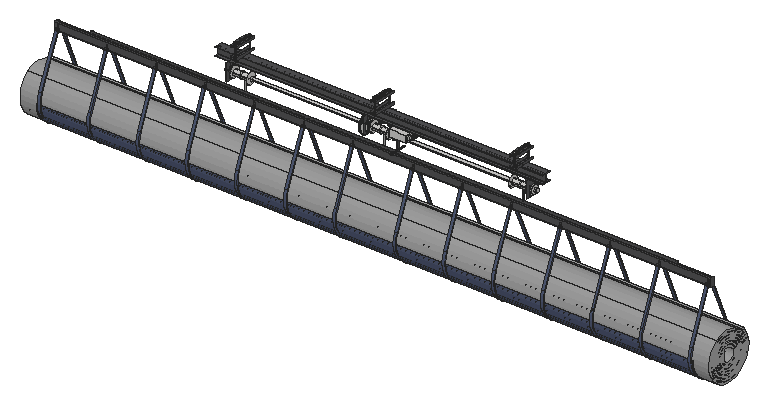
Revit family "Wrestling_Mat_Storage-PSS-4090", category Specialty Equipment, Revit 2018 (continued)
Definition of nested family "Wrestling_Mat_Storage-Hoist-PSS"
  Forms (in)
    Extrusion 22, solid, detail levels medium+fine
      sketch origin (-17.6875, 0, 0) x (0, 1, 0) y (0, 0, -1)
        loop
          arc (-3.1875, -2.5625) -> (-3.00444, -3.00444) -> (-2.5625, -3.1875) r 0.625
          line (-2.5625, -3.1875) -> (2.5625, -3.1875)
        loop
          circle (0, 0) r 1
        loop
          circle (2.5625, -2.5625) r 0.25
        loop
          circle (-2.5625, -2.5625) r 0.25
        loop
          circle (-2.5625, 2.5625) r 0.25
        loop
          circle (2.5625, 2.5625) r 0.25
      from -8.6875 to -8.0625
    Extrusion 23, solid, detail levels medium+fine
      sketch origin (-17.6875, 0, 0) x (0, 1, 0) y (0, 0, -1)
        loop
          arc (2.24472, -1.36083) -> (1.85616, -1.85616) -> (1.36083, -2.24472) r 2.625
          line (1.36083, -2.24472) -> (2.12056, -3.00444)
          arc (2.12056, -3.00444) -> (3.00444, -3.00444) -> (3.00444, -2.12056) r 0.625
          line (3.00444, -2.12056) -> (2.24472, -1.36083)
        loop
          circle (2.5625, -2.5625) r 0.25
        loop
          line (-2.24472, -1.36083) -> (-3.00444, -2.12056)
          arc (-3.00444, -2.12056) -> (-3.00444, -3.00444) -> (-2.12056, -3.00444) r 0.625
          line (-2.12056, -3.00444) -> (-1.36083, -2.24472)
          arc (-1.36083, -2.24472) -> (-1.85616, -1.85616) -> (-2.24472, -1.36083) r 2.625
        loop
          circle (-2.5625, -2.5625) r 0.25
        loop
          line (2.24472, 1.36083) -> (3.00444, 2.12056)
          arc (3.00444, 2.12056) -> (3.00444, 3.00444) -> (2.12056, 3.00444) r 0.625
          line (2.12056, 3.00444) -> (1.36083, 2.24472)
          arc (1.36083, 2.24472) -> (1.85616, 1.85616) -> (2.24472, 1.36083) r 2.625
        loop
          circle (2.5625, 2.5625) r 0.25
        loop
          arc (-2.24472, 1.36083) -> (-1.85616, 1.85616) -> (-1.36083, 2.24472) r 2.625
          line (-1.36083, 2.24472) -> (-2.12056, 3.00444)
          arc (-2.12056, 3.00444) -> (-3.00444, 3.00444) -> (-3.00444, 2.12056) r 0.625
          line (-3.00444, 2.12056) -> (-2.24472, 1.36083)
        loop
          circle (-2.5625, 2.5625) r 0.25
      from -8.875 to -8.6875
    Extrusion 24, solid, detail levels medium+fine
      sketch origin (-17.6875, 0, 0) x (0, 1, 0) y (0, 0, -1)
        loop
          circle (0, 0) r 2.625
        loop
          circle (0, 0) r 1.25
      from -9.8125 to -8.6875
    Extrusion 25, solid, detail levels medium+fine
      sketch origin (-17.6875, 0, 0) x (0, 1, 0) y (0, 0, -1)
        loop
          circle (0, 0) r 1
        loop
          circle (0, 0) r 1.25
      from -10.375 to -8.0625
    Extrusion 26, solid, detail levels fine
      sketch origin (-17.6875, 0, 0) x (0, 1, 0) y (0, 0, -1)
        loop
          line (2.76096, -2.21875) -> (2.36404, -2.21875) -> (2.16557, -2.5625) -> (2.36404, -2.90625) -> (2.76096, -2.90625) -> (2.95943, -2.5625) -> (2.76096, -2.21875)
        loop
          line (-2.76096, -2.21875) -> (-2.95943, -2.5625) -> (-2.76096, -2.90625) -> (-2.36404, -2.90625) -> (-2.16557, -2.5625) -> (-2.36404, -2.21875) -> (-2.76096, -2.21875)
        loop
          line (2.76096, 2.21875) -> (2.95943, 2.5625) -> (2.76096, 2.90625) -> (2.36404, 2.90625) -> (2.16557, 2.5625) -> (2.36404, 2.21875) -> (2.76096, 2.21875)
        loop
          line (-2.76096, 2.21875) -> (-2.36404, 2.21875) -> (-2.16557, 2.5625) -> (-2.36404, 2.90625) -> (-2.76096, 2.90625) -> (-2.95943, 2.5625) -> (-2.76096, 2.21875)
      from -9.3125 to -8.875
    Extrusion 27, solid, detail levels fine
      sketch origin (-1.125, 0, 0) x (0, 1, 0) y (0, 0, 1)
        loop
          line (2.76096, 2.21875) -> (2.95943, 2.5625) -> (2.76096, 2.90625) -> (2.36404, 2.90625) -> (2.16557, 2.5625) -> (2.36404, 2.21875) -> (2.76096, 2.21875)
        loop
          line (-2.76096, 2.21875) -> (-2.36404, 2.21875) -> (-2.16557, 2.5625) -> (-2.36404, 2.90625) -> (-2.76096, 2.90625) -> (-2.95943, 2.5625) -> (-2.76096, 2.21875)
        loop
          line (2.76096, -2.21875) -> (2.36404, -2.21875) -> (2.16557, -2.5625) -> (2.36404, -2.90625) -> (2.76096, -2.90625) -> (2.95943, -2.5625) -> (2.76096, -2.21875)
        loop
          line (-2.76096, -2.21875) -> (-2.95943, -2.5625) -> (-2.76096, -2.90625) -> (-2.36404, -2.90625) -> (-2.16557, -2.5625) -> (-2.36404, -2.21875) -> (-2.76096, -2.21875)
      from -9.3125 to -8.875
    Extrusion 28, solid, detail levels medium+fine
      sketch origin (-0.375, 0, 0) x (0, 1, 0) y (0, 0, 1)
        loop
          arc (6.18466, 0.1875) -> (6.1811, 0.28135) -> (6.17612, 0.37514) r 6.1875
          line (6.17612, 0.37514) -> (5.73397, 0.42902)
          arc (5.73397, 0.42902) -> (5.72622, 0.52237) -> (5.71695, 0.61559) r 5.75
          line (5.71695, 0.61559) -> (6.14205, 0.74858)
          arc (6.14205, 0.74858) -> (6.12998, 0.84172) -> (6.1165, 0.93467) r 6.1875
          line (6.1165, 0.93467) -> (5.67129, 0.94816)
          arc (5.67129, 0.94816) -> (5.65509, 1.04042) -> (5.63739, 1.13241) r 5.75
          line (5.63739, 1.13241) -> (6.04864, 1.30348)
          arc (6.04864, 1.30348) -> (6.02816, 1.39513) -> (6.00629, 1.48647) r 6.1875
          line (6.00629, 1.48647) -> (5.5617, 1.45946)
          arc (5.5617, 1.45946) -> (5.53718, 1.54987) -> (5.5112, 1.63987) r 5.75
          line (5.5112, 1.63987) -> (5.90521, 1.84759)
          arc (5.90521, 1.84759) -> (5.87649, 1.93701) -> (5.84641, 2.02598) r 6.1875
          line (5.84641, 2.02598) -> (5.40611, 1.95869)
          arc (5.40611, 1.95869) -> (5.37348, 2.0465) -> (5.33943, 2.13377) r 5.75
          line (5.33943, 2.13377) -> (5.71295, 2.37642)
          arc (5.71295, 2.37642) -> (5.67622, 2.46286) -> (5.63818, 2.54873) r 6.1875
          line (5.63818, 2.54873) -> (5.20581, 2.44172)
          arc (5.20581, 2.44172) -> (5.16534, 2.52621) -> (5.12351, 2.61002) r 5.75
          line (5.12351, 2.61002) -> (5.47343, 2.8856)
          arc (5.47343, 2.8856) -> (5.429, 2.96835) -> (5.38332, 3.05041) r 6.1875
          line (5.38332, 3.05041) -> (4.96246, 2.90456)
          arc (4.96246, 2.90456) -> (4.91449, 2.98502) -> (4.86521, 3.06468) r 5.75
          line (4.86521, 3.06468) -> (5.18865, 3.37092)
          arc (5.18865, 3.37092) -> (5.13689, 3.44928) -> (5.08394, 3.52685) r 6.1875
          line (5.08394, 3.52685) -> (4.67807, 3.34338)
          arc (4.67807, 3.34338) -> (4.62298, 3.41914) -> (4.56667, 3.494) r 5.75
          line (4.56667, 3.494) -> (4.86095, 3.82835)
          arc (4.86095, 3.82835) -> (4.80229, 3.90169) -> (4.74251, 3.97413) r 6.1875
          line (4.74251, 3.97413) -> (4.35499, 3.75454)
          arc (4.35499, 3.75454) -> (4.29325, 3.82499) -> (4.23037, 3.89442) r 5.75
          line (4.23037, 3.89442) -> (4.49306, 4.25413)
          arc (4.49306, 4.25413) -> (4.42797, 4.32183) -> (4.36186, 4.38854) r 6.1875
          line (4.36186, 4.38854) -> (3.99589, 4.13466)
          arc (3.99589, 4.13466) -> (3.928, 4.1992) -> (3.85908, 4.26263) r 5.75
          line (3.85908, 4.26263) -> (4.088, 4.64472)
          arc (4.088, 4.64472) -> (4.01703, 4.70623) -> (3.94514, 4.76666) r 6.1875
          line (3.94514, 4.76666) -> (3.60374, 4.48057)
          arc (3.60374, 4.48057) -> (3.53027, 4.53869) -> (3.45587, 4.59559) r 5.75
          line (3.45587, 4.59559) -> (3.64914, 4.99689)
          arc (3.64914, 4.99689) -> (3.57287, 5.05171) -> (3.49579, 5.10535) r 6.1875
          line (3.49579, 5.10535) -> (3.18179, 4.78944)
          arc (3.18179, 4.78944) -> (3.10335, 4.84063) -> (3.02408, 4.89055) r 5.75
          line (3.02408, 4.89055) -> (3.18009, 5.30775)
          arc (3.18009, 5.30775) -> (3.09916, 5.3554) -> (3.01752, 5.40183) r 6.1875
          line (3.01752, 5.40183) -> (2.73353, 5.05869)
          arc (2.73353, 5.05869) -> (2.65076, 5.10255) -> (2.56728, 5.14505) r 5.75
          line (2.56728, 5.14505) -> (2.68475, 5.5747)
          arc (2.68475, 5.5747) -> (2.59982, 5.61481) -> (2.5143, 5.65362) r 6.1875
          line (2.5143, 5.65362) -> (2.26266, 5.2861)
          arc (2.26266, 5.2861) -> (2.17624, 5.32226) -> (2.08925, 5.35701) r 5.75
          line (2.08925, 5.35701) -> (2.1672, 5.79555)
          arc (2.1672, 5.79555) -> (2.07898, 5.82778) -> (1.99029, 5.85866) r 6.1875
          line (1.99029, 5.85866) -> (1.77307, 5.4698)
          arc (1.77307, 5.4698) -> (1.68373, 5.49796) -> (1.59394, 5.52466) r 5.75
          line (1.59394, 5.52466) -> (1.63173, 5.96847)
          arc (1.63173, 5.96847) -> (1.54095, 5.99255) -> (1.44981, 6.01525) r 6.1875
          line (1.44981, 6.01525) -> (1.26882, 5.60826)
          arc (1.26882, 5.60826) -> (1.17729, 5.62819) -> (1.08545, 5.64662) r 5.75
          line (1.08545, 5.64662) -> (1.08276, 6.09203)
          arc (1.08276, 6.09203) -> (0.99017, 6.10776) -> (0.89735, 6.12208) r 6.1875
          line (0.89735, 6.12208) -> (0.75408, 5.70034)
          arc (0.75408, 5.70034) -> (0.66112, 5.71187) -> (0.56798, 5.72188) r 5.75
          line (0.56798, 5.72188) -> (0.52484, 6.1652)
          arc (0.52484, 6.1652) -> (0.4312, 6.17246) -> (0.33746, 6.17829) r 6.1875
          line (0.33746, 6.17829) -> (0.2331, 5.74527)
          arc (0.2331, 5.74527) -> (0.13948, 5.74831) -> (0.04582, 5.74982) r 5.75
          line (0.04582, 5.74982) -> (-0.03742, 6.18739)
          arc (-0.03742, 6.18739) -> (-0.13133, 6.18611) -> (-0.22521, 6.1834) r 6.1875
          line (-0.22521, 6.1834) -> (-0.28981, 5.74269)
          arc (-0.28981, 5.74269) -> (-0.38332, 5.73721) -> (-0.47673, 5.7302) r 5.75
          line (-0.47673, 5.7302) -> (-0.59938, 6.1584)
          arc (-0.59938, 6.1584) -> (-0.69278, 6.14859) -> (-0.78603, 6.13737) r 6.1875
          line (-0.78603, 6.13737) -> (-0.81032, 5.69262)
          arc (-0.81032, 5.69262) -> (-0.90294, 5.67866) -> (-0.99533, 5.6632) r 5.75
          line (-0.99533, 5.6632) -> (-1.15637, 6.07848)
          arc (-1.15637, 6.07848) -> (-1.2485, 6.06023) -> (-1.34034, 6.04058) r 6.1875
          line (-1.34034, 6.04058) -> (-1.32412, 5.59546)
          arc (-1.32412, 5.59546) -> (-1.4151, 5.57315) -> (-1.5057, 5.54936) r 5.75
          line (-1.5057, 5.54936) -> (-1.70381, 5.94829)
          arc (-1.70381, 5.94829) -> (-1.79389, 5.92175) -> (-1.88357, 5.89384) r 6.1875
          line (-1.88357, 5.89384) -> (-1.82698, 5.45203)
          arc (-1.82698, 5.45203) -> (-1.91556, 5.42154) -> (-2.00362, 5.38962) r 5.75
          line (-2.00362, 5.38962) -> (-2.23715, 5.76891)
          arc (-2.23715, 5.76891) -> (-2.32445, 5.73429) -> (-2.41122, 5.69835) r 6.1875
          line (-2.41122, 5.69835) -> (-2.31473, 5.26351)
          arc (-2.31473, 5.26351) -> (-2.40017, 5.2251) -> (-2.48497, 5.18531) r 5.75
          line (-2.48497, 5.18531) -> (-2.75199, 5.54182)
          arc (-2.75199, 5.54182) -> (-2.83578, 5.49941) -> (-2.91893, 5.45573) r 6.1875
          line (-2.91893, 5.45573) -> (-2.78333, 5.03146)
          arc (-2.78333, 5.03146) -> (-2.86493, 4.98545) -> (-2.94576, 4.93811) r 5.75
          line (-2.94576, 4.93811) -> (-3.24407, 5.26889)
          arc (-3.24407, 5.26889) -> (-3.32366, 5.21904) -> (-3.4025, 5.168) r 6.1875
          line (-3.4025, 5.168) -> (-3.22892, 4.75779)
          arc (-3.22892, 4.75779) -> (-3.306, 4.70456) -> (-3.3822, 4.65008) r 5.75
          line (-3.3822, 4.65008) -> (-3.70932, 4.95239)
          arc (-3.70932, 4.95239) -> (-3.78406, 4.89552) -> (-3.85793, 4.83752) r 6.1875
          line (-3.85793, 4.83752) -> (-3.6478, 4.44478)
          arc (-3.6478, 4.44478) -> (-3.71972, 4.38477) -> (-3.79066, 4.32359) r 5.75
          line (-3.79066, 4.32359) -> (-4.14389, 4.59493)
          arc (-4.14389, 4.59493) -> (-4.21315, 4.5315) -> (-4.28145, 4.46703) r 6.1875
          line (-4.28145, 4.46703) -> (-4.03651, 4.09501)
          arc (-4.03651, 4.09501) -> (-4.10268, 4.02871) -> (-4.16777, 3.96134) r 5.75
          line (-4.16777, 3.96134) -> (-4.54419, 4.19946)
          arc (-4.54419, 4.19946) -> (-4.60741, 4.13001) -> (-4.66956, 4.0596) r 6.1875
          line (-4.66956, 4.0596) -> (-4.39184, 3.71137)
          arc (-4.39184, 3.71137) -> (-4.45172, 3.63933) -> (-4.51041, 3.56633) r 5.75
          line (-4.51041, 3.56633) -> (-4.90691, 3.76927)
          arc (-4.90691, 3.76927) -> (-4.96355, 3.69436) -> (-5.01906, 3.6186) r 6.1875
          line (-5.01906, 3.6186) -> (-4.71085, 3.29703)
          arc (-4.71085, 3.29703) -> (-4.76393, 3.21985) -> (-4.81575, 3.14182) r 5.75
          line (-4.81575, 3.14182) -> (-5.22905, 3.30791)
          arc (-5.22905, 3.30791) -> (-5.27865, 3.22816) -> (-5.32704, 3.14767) r 6.1875
          line (-5.32704, 3.14767) -> (-4.99089, 2.85543)
          arc (-4.99089, 2.85543) -> (-5.03675, 2.77375) -> (-5.08126, 2.69133) r 5.75
          line (-5.08126, 2.69133) -> (-5.50794, 2.81918)
          arc (-5.50794, 2.81918) -> (-5.55009, 2.73526) -> (-5.59097, 2.6507) r 6.1875
          line (-5.59097, 2.6507) -> (-5.22966, 2.39021)
          arc (-5.22966, 2.39021) -> (-5.26791, 2.3047) -> (-5.30475, 2.21858) r 5.75
          line (-5.30475, 2.21858) -> (-5.74128, 2.30714)
          arc (-5.74128, 2.30714) -> (-5.77563, 2.21973) -> (-5.80866, 2.13182) r 6.1875
          line (-5.80866, 2.13182) -> (-5.42518, 1.90523)
          arc (-5.42518, 1.90523) -> (-5.4555, 1.8166) -> (-5.48437, 1.72748) r 5.75
          line (-5.48437, 1.72748) -> (-5.92713, 1.77602)
          arc (-5.92713, 1.77602) -> (-5.95341, 1.68585) -> (-5.97831, 1.5953) r 6.1875
          line (-5.97831, 1.5953) -> (-5.57583, 1.40449)
          arc (-5.57583, 1.40449) -> (-5.59797, 1.31347) -> (-5.61863, 1.2221) r 5.75
          line (-5.61863, 1.2221) -> (-6.06397, 1.23021)
          arc (-6.06397, 1.23021) -> (-6.08194, 1.13803) -> (-6.09852, 1.04559) r 6.1875
          line (-6.09852, 1.04559) -> (-5.68037, 0.89213)
          arc (-5.68037, 0.89213) -> (-5.69415, 0.79948) -> (-5.70642, 0.70661) r 5.75
          line (-5.70642, 0.70661) -> (-6.15066, 0.67423)
          arc (-6.15066, 0.67423) -> (-6.16018, 0.5808) -> (-6.16829, 0.48723) r 6.1875
          line (-6.16829, 0.48723) -> (-5.73793, 0.37239)
          arc (-5.73793, 0.37239) -> (-5.74323, 0.27887) -> (-5.74701, 0.18527) r 5.75
          line (-5.74701, 0.18527) -> (-6.18647, 0.11267)
          arc (-6.18647, 0.11267) -> (-6.1875, 0) -> (-6.18647, -0.11267) r 6.1875
          line (-6.18647, -0.11267) -> (-5.74701, -0.18527)
          arc (-5.74701, -0.18527) -> (-5.74323, -0.27887) -> (-5.73793, -0.37239) r 5.75
          line (-5.73793, -0.37239) -> (-6.16829, -0.48723)
          arc (-6.16829, -0.48723) -> (-6.16018, -0.5808) -> (-6.15066, -0.67423) r 6.1875
          line (-6.15066, -0.67423) -> (-5.70642, -0.70661)
          arc (-5.70642, -0.70661) -> (-5.69415, -0.79948) -> (-5.68037, -0.89213) r 5.75
          line (-5.68037, -0.89213) -> (-6.09852, -1.04559)
          arc (-6.09852, -1.04559) -> (-6.08194, -1.13803) -> (-6.06397, -1.23021) r 6.1875
          line (-6.06397, -1.23021) -> (-5.61863, -1.2221)
          arc (-5.61863, -1.2221) -> (-5.59797, -1.31347) -> (-5.57583, -1.40449) r 5.75
          line (-5.57583, -1.40449) -> (-5.97831, -1.5953)
          arc (-5.97831, -1.5953) -> (-5.95341, -1.68585) -> (-5.92713, -1.77602) r 6.1875
          line (-5.92713, -1.77602) -> (-5.48437, -1.72748)
          arc (-5.48437, -1.72748) -> (-5.4555, -1.8166) -> (-5.42518, -1.90523) r 5.75
          line (-5.42518, -1.90523) -> (-5.80866, -2.13182)
          arc (-5.80866, -2.13182) -> (-5.77563, -2.21973) -> (-5.74128, -2.30714) r 6.1875
          line (-5.74128, -2.30714) -> (-5.30475, -2.21858)
          arc (-5.30475, -2.21858) -> (-5.26791, -2.3047) -> (-5.22966, -2.39021) r 5.75
          line (-5.22966, -2.39021) -> (-5.59097, -2.6507)
          arc (-5.59097, -2.6507) -> (-5.55009, -2.73526) -> (-5.50794, -2.81918) r 6.1875
          line (-5.50794, -2.81918) -> (-5.08126, -2.69133)
          arc (-5.08126, -2.69133) -> (-5.03675, -2.77375) -> (-4.99089, -2.85543) r 5.75
          line (-4.99089, -2.85543) -> (-5.32704, -3.14767)
          arc (-5.32704, -3.14767) -> (-5.27865, -3.22816) -> (-5.22905, -3.30791) r 6.1875
          line (-5.22905, -3.30791) -> (-4.81575, -3.14182)
          arc (-4.81575, -3.14182) -> (-4.76393, -3.21985) -> (-4.71085, -3.29703) r 5.75
          line (-4.71085, -3.29703) -> (-5.01906, -3.6186)
          arc (-5.01906, -3.6186) -> (-4.96355, -3.69436) -> (-4.90691, -3.76927) r 6.1875
          line (-4.90691, -3.76927) -> (-4.51041, -3.56633)
          arc (-4.51041, -3.56633) -> (-4.45172, -3.63933) -> (-4.39184, -3.71137) r 5.75
          line (-4.39184, -3.71137) -> (-4.66956, -4.0596)
          arc (-4.66956, -4.0596) -> (-4.60741, -4.13001) -> (-4.54419, -4.19946) r 6.1875
          line (-4.54419, -4.19946) -> (-4.16777, -3.96134)
          arc (-4.16777, -3.96134) -> (-4.10268, -4.02871) -> (-4.03651, -4.09501) r 5.75
          line (-4.03651, -4.09501) -> (-4.28145, -4.46703)
          arc (-4.28145, -4.46703) -> (-4.21315, -4.5315) -> (-4.14389, -4.59493) r 6.1875
          line (-4.14389, -4.59493) -> (-3.79066, -4.32359)
          arc (-3.79066, -4.32359) -> (-3.71972, -4.38477) -> (-3.6478, -4.44478) r 5.75
          line (-3.6478, -4.44478) -> (-3.85793, -4.83752)
          arc (-3.85793, -4.83752) -> (-3.78406, -4.89552) -> (-3.70932, -4.95239) r 6.1875
          line (-3.70932, -4.95239) -> (-3.3822, -4.65008)
          arc (-3.3822, -4.65008) -> (-3.306, -4.70456) -> (-3.22892, -4.75779) r 5.75
          line (-3.22892, -4.75779) -> (-3.4025, -5.168)
          arc (-3.4025, -5.168) -> (-3.32366, -5.21904) -> (-3.24407, -5.26889) r 6.1875
          line (-3.24407, -5.26889) -> (-2.94576, -4.93811)
          arc (-2.94576, -4.93811) -> (-2.86493, -4.98545) -> (-2.78333, -5.03146) r 5.75
          line (-2.78333, -5.03146) -> (-2.91893, -5.45573)
          arc (-2.91893, -5.45573) -> (-2.83578, -5.49941) -> (-2.75199, -5.54182) r 6.1875
          line (-2.75199, -5.54182) -> (-2.48497, -5.18531)
          arc (-2.48497, -5.18531) -> (-2.40017, -5.2251) -> (-2.31473, -5.26351) r 5.75
          line (-2.31473, -5.26351) -> (-2.41122, -5.69835)
          arc (-2.41122, -5.69835) -> (-2.32445, -5.73429) -> (-2.23715, -5.76891) r 6.1875
          line (-2.23715, -5.76891) -> (-2.00362, -5.38962)
          arc (-2.00362, -5.38962) -> (-1.91556, -5.42154) -> (-1.82698, -5.45203) r 5.75
          line (-1.82698, -5.45203) -> (-1.88357, -5.89384)
          arc (-1.88357, -5.89384) -> (-1.79389, -5.92175) -> (-1.70381, -5.94829) r 6.1875
          line (-1.70381, -5.94829) -> (-1.5057, -5.54936)
          arc (-1.5057, -5.54936) -> (-1.4151, -5.57315) -> (-1.32412, -5.59546) r 5.75
          line (-1.32412, -5.59546) -> (-1.34034, -6.04058)
          arc (-1.34034, -6.04058) -> (-1.2485, -6.06023) -> (-1.15637, -6.07848) r 6.1875
          line (-1.15637, -6.07848) -> (-0.99533, -5.6632)
          arc (-0.99533, -5.6632) -> (-0.90294, -5.67866) -> (-0.81032, -5.69262) r 5.75
          line (-0.81032, -5.69262) -> (-0.78603, -6.13737)
          arc (-0.78603, -6.13737) -> (-0.69278, -6.14859) -> (-0.59938, -6.1584) r 6.1875
          line (-0.59938, -6.1584) -> (-0.47673, -5.7302)
          arc (-0.47673, -5.7302) -> (-0.38332, -5.73721) -> (-0.28981, -5.74269) r 5.75
          line (-0.28981, -5.74269) -> (-0.22521, -6.1834)
          arc (-0.22521, -6.1834) -> (-0.13133, -6.18611) -> (-0.03742, -6.18739) r 6.1875
          line (-0.03742, -6.18739) -> (0.04582, -5.74982)
          arc (0.04582, -5.74982) -> (0.13948, -5.74831) -> (0.2331, -5.74527) r 5.75
          line (0.2331, -5.74527) -> (0.33746, -6.17829)
          arc (0.33746, -6.17829) -> (0.4312, -6.17246) -> (0.52484, -6.1652) r 6.1875
          line (0.52484, -6.1652) -> (0.56798, -5.72188)
          arc (0.56798, -5.72188) -> (0.66112, -5.71187) -> (0.75408, -5.70034) r 5.75
          line (0.75408, -5.70034) -> (0.89735, -6.12208)
          arc (0.89735, -6.12208) -> (0.99017, -6.10776) -> (1.08276, -6.09203) r 6.1875
          line (1.08276, -6.09203) -> (1.08545, -5.64662)
          arc (1.08545, -5.64662) -> (1.17729, -5.62819) -> (1.26882, -5.60826) r 5.75
          line (1.26882, -5.60826) -> (1.44981, -6.01525)
          arc (1.44981, -6.01525) -> (1.54095, -5.99255) -> (1.63173, -5.96847) r 6.1875
          line (1.63173, -5.96847) -> (1.59394, -5.52466)
          arc (1.59394, -5.52466) -> (1.68373, -5.49796) -> (1.77307, -5.4698) r 5.75
          line (1.77307, -5.4698) -> (1.99029, -5.85866)
          arc (1.99029, -5.85866) -> (2.07898, -5.82778) -> (2.1672, -5.79555) r 6.1875
          line (2.1672, -5.79555) -> (2.08925, -5.35701)
          arc (2.08925, -5.35701) -> (2.17624, -5.32226) -> (2.26266, -5.2861) r 5.75
          line (2.26266, -5.2861) -> (2.5143, -5.65362)
          arc (2.5143, -5.65362) -> (2.59982, -5.61481) -> (2.68475, -5.5747) r 6.1875
          line (2.68475, -5.5747) -> (2.56728, -5.14505)
          arc (2.56728, -5.14505) -> (2.65076, -5.10255) -> (2.73353, -5.05869) r 5.75
          line (2.73353, -5.05869) -> (3.01752, -5.40183)
          arc (3.01752, -5.40183) -> (3.09916, -5.3554) -> (3.18009, -5.30775) r 6.1875
          line (3.18009, -5.30775) -> (3.02408, -4.89055)
          arc (3.02408, -4.89055) -> (3.10335, -4.84063) -> (3.18179, -4.78944) r 5.75
          line (3.18179, -4.78944) -> (3.49579, -5.10535)
          arc (3.49579, -5.10535) -> (3.57287, -5.05171) -> (3.64914, -4.99689) r 6.1875
          line (3.64914, -4.99689) -> (3.45587, -4.59559)
          arc (3.45587, -4.59559) -> (3.53027, -4.53869) -> (3.60374, -4.48057) r 5.75
          line (3.60374, -4.48057) -> (3.94514, -4.76666)
          arc (3.94514, -4.76666) -> (4.01703, -4.70623) -> (4.088, -4.64472) r 6.1875
          line (4.088, -4.64472) -> (3.85908, -4.26263)
          arc (3.85908, -4.26263) -> (3.928, -4.1992) -> (3.99589, -4.13466) r 5.75
          line (3.99589, -4.13466) -> (4.36186, -4.38854)
          arc (4.36186, -4.38854) -> (4.42797, -4.32183) -> (4.49306, -4.25413) r 6.1875
          line (4.49306, -4.25413) -> (4.23037, -3.89442)
          arc (4.23037, -3.89442) -> (4.29325, -3.82499) -> (4.35499, -3.75454) r 5.75
          line (4.35499, -3.75454) -> (4.74251, -3.97413)
          arc (4.74251, -3.97413) -> (4.80229, -3.90169) -> (4.86095, -3.82835) r 6.1875
          line (4.86095, -3.82835) -> (4.56667, -3.494)
          arc (4.56667, -3.494) -> (4.62298, -3.41914) -> (4.67807, -3.34338) r 5.75
          line (4.67807, -3.34338) -> (5.08394, -3.52685)
          arc (5.08394, -3.52685) -> (5.13689, -3.44928) -> (5.18865, -3.37092) r 6.1875
          line (5.18865, -3.37092) -> (4.86521, -3.06468)
          arc (4.86521, -3.06468) -> (4.91449, -2.98502) -> (4.96246, -2.90456) r 5.75
          line (4.96246, -2.90456) -> (5.38332, -3.05041)
          arc (5.38332, -3.05041) -> (5.429, -2.96835) -> (5.47343, -2.8856) r 6.1875
          line (5.47343, -2.8856) -> (5.12351, -2.61002)
          arc (5.12351, -2.61002) -> (5.16534, -2.52621) -> (5.20581, -2.44172) r 5.75
          line (5.20581, -2.44172) -> (5.63818, -2.54873)
          arc (5.63818, -2.54873) -> (5.67622, -2.46286) -> (5.71295, -2.37642) r 6.1875
          line (5.71295, -2.37642) -> (5.33943, -2.13377)
          arc (5.33943, -2.13377) -> (5.37348, -2.0465) -> (5.40611, -1.95869) r 5.75
          line (5.40611, -1.95869) -> (5.84641, -2.02598)
          arc (5.84641, -2.02598) -> (5.87649, -1.93701) -> (5.90521, -1.84759) r 6.1875
          line (5.90521, -1.84759) -> (5.5112, -1.63987)
          arc (5.5112, -1.63987) -> (5.53718, -1.54987) -> (5.5617, -1.45946) r 5.75
          line (5.5617, -1.45946) -> (6.00629, -1.48647)
          arc (6.00629, -1.48647) -> (6.02816, -1.39513) -> (6.04864, -1.30348) r 6.1875
          line (6.04864, -1.30348) -> (5.63739, -1.13241)
          arc (5.63739, -1.13241) -> (5.65509, -1.04042) -> (5.67129, -0.94816) r 5.75
          line (5.67129, -0.94816) -> (6.1165, -0.93467)
          arc (6.1165, -0.93467) -> (6.12998, -0.84172) -> (6.14205, -0.74858) r 6.1875
          line (6.14205, -0.74858) -> (5.71695, -0.61559)
          arc (5.71695, -0.61559) -> (5.72622, -0.52237) -> (5.73397, -0.42902) r 5.75
          line (5.73397, -0.42902) -> (6.17612, -0.37514)
          arc (6.17612, -0.37514) -> (6.1811, -0.28135) -> (6.18466, -0.1875) r 6.1875
          line (6.18466, -0.1875) -> (5.74924, -0.09367)
          arc (5.74924, -0.09367) -> (5.75, 0) -> (5.74924, 0.09367) r 5.75
          line (5.74924, 0.09367) -> (6.18466, 0.1875)
        loop
          circle (0, 0) r 5
      from -11.75 to -10
    Extrusion 29, solid, detail levels medium+fine
      sketch origin (-0.375, 0, 0) x (0, 1, 0) y (0, 0, 1)
        loop
          circle (0, 0) r 2.375
        loop
          arc (0.21651, -2.625) -> (0, -2.5) -> (-0.21651, -2.625) r 0.25
          line (-0.21651, -2.625) -> (-1.21651, -4.35705)
          arc (-1.21651, -4.35705) -> (-1.21651, -4.60705) -> (-1, -4.73205) r 0.25
          arc (-1, -4.73205) -> (0, -4.83851) -> (1, -4.73205) r 4.75
          arc (1, -4.73205) -> (1.21651, -4.60705) -> (1.21651, -4.35705) r 0.25
          line (1.21651, -4.35705) -> (0.21651, -2.625)
        loop
          arc (2.30492, -1.16925) -> (2.08841, -1.29425) -> (2.08841, -1.54425) r 0.25
          line (2.08841, -1.54425) -> (3.08841, -3.2763)
          arc (3.08841, -3.2763) -> (3.30492, -3.4013) -> (3.52143, -3.2763) r 0.25
          arc (3.52143, -3.2763) -> (4.11362, -2.46351) -> (4.52143, -1.54425) r 4.75
          arc (4.52143, -1.54425) -> (4.52143, -1.29425) -> (4.30492, -1.16925) r 0.25
          line (4.30492, -1.16925) -> (2.30492, -1.16925)
        loop
          arc (2.16506, 1.41149) -> (2.16506, 1.16149) -> (2.38157, 1.03649) r 0.25
          line (2.38157, 1.03649) -> (4.38157, 1.03649)
          arc (4.38157, 1.03649) -> (4.59808, 1.16149) -> (4.59808, 1.41149) r 0.25
          arc (4.59808, 1.41149) -> (4.19027, 2.33075) -> (3.59808, 3.14354) r 4.75
          arc (3.59808, 3.14354) -> (3.38157, 3.26854) -> (3.16506, 3.14354) r 0.25
          line (3.16506, 3.14354) -> (2.16506, 1.41149)
        loop
          line (-2.16506, 1.41149) -> (-3.16506, 3.14354)
          arc (-3.16506, 3.14354) -> (-3.38157, 3.26854) -> (-3.59808, 3.14354) r 0.25
          arc (-3.59808, 3.14354) -> (-4.19027, 2.33075) -> (-4.59808, 1.41149) r 4.75
          arc (-4.59808, 1.41149) -> (-4.59808, 1.16149) -> (-4.38157, 1.03649) r 0.25
          line (-4.38157, 1.03649) -> (-2.38157, 1.03649)
          arc (-2.38157, 1.03649) -> (-2.16506, 1.16149) -> (-2.16506, 1.41149) r 0.25
        loop
          line (0.21651, 2.625) -> (1.21651, 4.35705)
          arc (1.21651, 4.35705) -> (1.21651, 4.60705) -> (1, 4.73205) r 0.25
          arc (1, 4.73205) -> (0, 4.83851) -> (-1, 4.73205) r 4.75
          arc (-1, 4.73205) -> (-1.21651, 4.60705) -> (-1.21651, 4.35705) r 0.25
          line (-1.21651, 4.35705) -> (-0.21651, 2.625)
          arc (-0.21651, 2.625) -> (0, 2.5) -> (0.21651, 2.625) r 0.25
        loop
          line (-2.30492, -1.16925) -> (-4.30492, -1.16925)
          arc (-4.30492, -1.16925) -> (-4.52143, -1.29425) -> (-4.52143, -1.54425) r 0.25
          arc (-4.52143, -1.54425) -> (-4.11362, -2.46351) -> (-3.52143, -3.2763) r 4.75
          arc (-3.52143, -3.2763) -> (-3.30492, -3.4013) -> (-3.08841, -3.2763) r 0.25
          line (-3.08841, -3.2763) -> (-2.08841, -1.54425)
          arc (-2.08841, -1.54425) -> (-2.08841, -1.29425) -> (-2.30492, -1.16925) r 0.25
        loop
          circle (0, 0) r 5
      from -11.5 to -10.25
    Extrusion 30, solid, detail levels medium+fine
      sketch origin (0, 0, 0) x (0, 1, 0) y (0, 0, 1)
        loop
          circle (0, 0) r 1
        loop
          circle (0, 0) r 2.375
      from -13.375 to -10.375
    Extrusion 31, solid, detail levels medium+fine
      sketch origin (-0.375, 7.625, 3) x (0, 1, 0) y (0, 0, 1)
        loop
          circle (0, 0) r 0.75
        loop
          arc (-2.20308, -0.88717) -> (-2.18582, -0.92889) -> (-2.16776, -0.97027) r 2.375
          line (-2.16776, -0.97027) -> (-1.78043, -0.91108)
          arc (-1.78043, -0.91108) -> (-1.71503, -1.02893) -> (-1.64183, -1.1421) r 2
          line (-1.64183, -1.1421) -> (-1.89839, -1.42714)
          arc (-1.89839, -1.42714) -> (-1.87092, -1.46297) -> (-1.84278, -1.49827) r 2.375
          line (-1.84278, -1.49827) -> (-1.48396, -1.34084)
          arc (-1.48396, -1.34084) -> (-1.39028, -1.43775) -> (-1.29029, -1.52812) r 2
          line (-1.29029, -1.52812) -> (-1.46433, -1.86985)
          arc (-1.46433, -1.86985) -> (-1.42853, -1.89735) -> (-1.39221, -1.92416) r 2.375
          line (-1.39221, -1.92416) -> (-1.08636, -1.67923)
          arc (-1.08636, -1.67923) -> (-0.97079, -1.74859) -> (-0.85082, -1.81) r 2
          line (-0.85082, -1.81) -> (-0.93048, -2.18514)
          arc (-0.93048, -2.18514) -> (-0.88878, -2.20243) -> (-0.84676, -2.21892) r 2.375
          line (-0.84676, -2.21892) -> (-0.61473, -1.90318)
          arc (-0.61473, -1.90318) -> (-0.48515, -1.94027) -> (-0.35336, -1.96854) r 2
          line (-0.35336, -1.96854) -> (-0.33322, -2.35151)
          arc (-0.33322, -2.35151) -> (-0.28847, -2.35742) -> (-0.24361, -2.36247) r 2.375
          line (-0.24361, -2.36247) -> (-0.1012, -1.99744)
          arc (-0.1012, -1.99744) -> (0.03356, -1.99972) -> (0.16817, -1.99292) r 2
          line (0.16817, -1.99292) -> (0.28675, -2.35763)
          arc (0.28675, -2.35763) -> (0.33151, -2.35175) -> (0.37615, -2.34502) r 2.375
          line (0.37615, -2.34502) -> (0.41922, -1.95557)
          arc (0.41922, -1.95557) -> (0.54998, -1.92289) -> (0.67825, -1.88148) r 2
          line (0.67825, -1.88148) -> (0.88717, -2.20308)
          arc (0.88717, -2.20308) -> (0.92889, -2.18582) -> (0.97027, -2.16776) r 2.375
          line (0.97027, -2.16776) -> (0.91108, -1.78043)
          arc (0.91108, -1.78043) -> (1.02893, -1.71503) -> (1.1421, -1.64183) r 2
          line (1.1421, -1.64183) -> (1.42714, -1.89839)
          arc (1.42714, -1.89839) -> (1.46297, -1.87092) -> (1.49827, -1.84278) r 2.375
          line (1.49827, -1.84278) -> (1.34084, -1.48396)
          arc (1.34084, -1.48396) -> (1.43775, -1.39028) -> (1.52812, -1.29029) r 2
          line (1.52812, -1.29029) -> (1.86985, -1.46433)
          arc (1.86985, -1.46433) -> (1.89735, -1.42853) -> (1.92416, -1.39221) r 2.375
          line (1.92416, -1.39221) -> (1.67923, -1.08636)
          arc (1.67923, -1.08636) -> (1.74859, -0.97079) -> (1.81, -0.85082) r 2
          line (1.81, -0.85082) -> (2.18514, -0.93048)
          arc (2.18514, -0.93048) -> (2.20243, -0.88878) -> (2.21892, -0.84676) r 2.375
          line (2.21892, -0.84676) -> (1.90318, -0.61473)
          arc (1.90318, -0.61473) -> (1.94027, -0.48515) -> (1.96854, -0.35336) r 2
          line (1.96854, -0.35336) -> (2.35151, -0.33322)
          arc (2.35151, -0.33322) -> (2.35742, -0.28847) -> (2.36247, -0.24361) r 2.375
          line (2.36247, -0.24361) -> (1.99744, -0.1012)
          arc (1.99744, -0.1012) -> (1.99972, 0.03356) -> (1.99292, 0.16817) r 2
          line (1.99292, 0.16817) -> (2.35763, 0.28675)
          arc (2.35763, 0.28675) -> (2.35175, 0.33151) -> (2.34502, 0.37615) r 2.375
          line (2.34502, 0.37615) -> (1.95557, 0.41922)
          arc (1.95557, 0.41922) -> (1.92289, 0.54998) -> (1.88148, 0.67825) r 2
          line (1.88148, 0.67825) -> (2.20308, 0.88717)
          arc (2.20308, 0.88717) -> (2.18582, 0.92889) -> (2.16776, 0.97027) r 2.375
          line (2.16776, 0.97027) -> (1.78043, 0.91108)
          arc (1.78043, 0.91108) -> (1.71503, 1.02893) -> (1.64183, 1.1421) r 2
          line (1.64183, 1.1421) -> (1.89839, 1.42714)
          arc (1.89839, 1.42714) -> (1.87092, 1.46297) -> (1.84278, 1.49827) r 2.375
          line (1.84278, 1.49827) -> (1.48396, 1.34084)
          arc (1.48396, 1.34084) -> (1.39028, 1.43775) -> (1.29029, 1.52812) r 2
          line (1.29029, 1.52812) -> (1.46433, 1.86985)
          arc (1.46433, 1.86985) -> (1.42853, 1.89735) -> (1.39221, 1.92416) r 2.375
          line (1.39221, 1.92416) -> (1.08636, 1.67923)
          arc (1.08636, 1.67923) -> (0.97079, 1.74859) -> (0.85082, 1.81) r 2
          line (0.85082, 1.81) -> (0.93048, 2.18514)
          arc (0.93048, 2.18514) -> (0.88878, 2.20243) -> (0.84676, 2.21892) r 2.375
          line (0.84676, 2.21892) -> (0.61473, 1.90318)
          arc (0.61473, 1.90318) -> (0.48515, 1.94027) -> (0.35336, 1.96854) r 2
          line (0.35336, 1.96854) -> (0.33322, 2.35151)
          arc (0.33322, 2.35151) -> (0.28847, 2.35742) -> (0.24361, 2.36247) r 2.375
          line (0.24361, 2.36247) -> (0.1012, 1.99744)
          arc (0.1012, 1.99744) -> (-0.03356, 1.99972) -> (-0.16817, 1.99292) r 2
          line (-0.16817, 1.99292) -> (-0.28675, 2.35763)
          arc (-0.28675, 2.35763) -> (-0.33151, 2.35175) -> (-0.37615, 2.34502) r 2.375
          line (-0.37615, 2.34502) -> (-0.41922, 1.95557)
          arc (-0.41922, 1.95557) -> (-0.54998, 1.92289) -> (-0.67825, 1.88148) r 2
          line (-0.67825, 1.88148) -> (-0.88717, 2.20308)
          arc (-0.88717, 2.20308) -> (-0.92889, 2.18582) -> (-0.97027, 2.16776) r 2.375
          line (-0.97027, 2.16776) -> (-0.91108, 1.78043)
          arc (-0.91108, 1.78043) -> (-1.02893, 1.71503) -> (-1.1421, 1.64183) r 2
          line (-1.1421, 1.64183) -> (-1.42714, 1.89839)
          arc (-1.42714, 1.89839) -> (-1.46297, 1.87092) -> (-1.49827, 1.84278) r 2.375
          line (-1.49827, 1.84278) -> (-1.34084, 1.48396)
          arc (-1.34084, 1.48396) -> (-1.43775, 1.39028) -> (-1.52812, 1.29029) r 2
          line (-1.52812, 1.29029) -> (-1.86985, 1.46433)
          arc (-1.86985, 1.46433) -> (-1.89735, 1.42853) -> (-1.92416, 1.39221) r 2.375
          line (-1.92416, 1.39221) -> (-1.67923, 1.08636)
          arc (-1.67923, 1.08636) -> (-1.74859, 0.97079) -> (-1.81, 0.85082) r 2
          line (-1.81, 0.85082) -> (-2.18514, 0.93048)
          arc (-2.18514, 0.93048) -> (-2.20243, 0.88878) -> (-2.21892, 0.84676) r 2.375
          line (-2.21892, 0.84676) -> (-1.90318, 0.61473)
          arc (-1.90318, 0.61473) -> (-1.94027, 0.48515) -> (-1.96854, 0.35336) r 2
          line (-1.96854, 0.35336) -> (-2.35151, 0.33322)
          arc (-2.35151, 0.33322) -> (-2.35742, 0.28847) -> (-2.36247, 0.24361) r 2.375
          line (-2.36247, 0.24361) -> (-1.99744, 0.1012)
          arc (-1.99744, 0.1012) -> (-1.99972, -0.03356) -> (-1.99292, -0.16817) r 2
          line (-1.99292, -0.16817) -> (-2.35763, -0.28675)
          arc (-2.35763, -0.28675) -> (-2.35175, -0.33151) -> (-2.34502, -0.37615) r 2.375
          line (-2.34502, -0.37615) -> (-1.95557, -0.41922)
          arc (-1.95557, -0.41922) -> (-1.92289, -0.54998) -> (-1.88148, -0.67825) r 2
          line (-1.88148, -0.67825) -> (-2.20308, -0.88717)
      from -11.75 to -10
    Extrusion 32, solid, detail levels medium+fine
      sketch origin (0, 0, 0) x (0, 1, 0) y (0, 0, 1)
        loop
          circle (7.625, 3) r 3.3125
      from 6.0625 to 12.6875
    Extrusion 33, solid, detail levels medium+fine
      sketch origin (0, 0, 0) x (0, 1, 0) y (0, 0, 1)
        loop
          circle (7.625, 3) r 1.75
        loop
          circle (7.625, 3) r 0.75
      from -10.375 to -9.625
    Extrusion 34, solid, detail levels medium+fine
      sketch origin (-8.125, 0, 0) x (0, 1, 0) y (0, 0, 1)
        loop
          circle (7.625, 3) r 1.375
      from -0.5 to -0.25
    Extrusion 35, solid, detail levels medium+fine
      sketch origin (-8.625, 0, 0) x (0, 1, 0) y (0, 0, 1)
        loop
          circle (7.625, 3) r 1.25
      from -0.25 to 0
    Extrusion 36, solid, detail levels medium+fine
      sketch origin (-8.875, 0, 0) x (0, 1, 0) y (0, 0, 1)
        loop
          circle (7.625, 3) r 0.625
        loop
          circle (7.625, 3) r 0.25
      from -2.5 to 0
    Extrusion 37, solid, detail levels medium+fine
      sketch origin (-8.375, -2.53613, -4.92891) x (0, 1, 0) y (0, 0, 1)
        loop
          line (10.50661, 9.74141) -> (10.02275, 9.74141)
          arc (10.02275, 9.74141) -> (9.51023, 9.26709) -> (8.82902, 9.42071) r 0.75
          arc (8.82902, 9.42071) -> (8.55596, 9.12198) -> (8.34863, 8.77439) r 2
          line (8.34863, 8.77439) -> (8.34863, 7.08342)
          arc (8.34863, 7.08342) -> (8.74691, 6.51469) -> (9.31564, 6.11641) r 2
          line (9.31564, 6.11641) -> (11.00661, 6.11641)
          arc (11.00661, 6.11641) -> (11.57534, 6.51469) -> (11.97363, 7.08342) r 2
          line (11.97363, 7.08342) -> (11.97363, 8.77439)
          arc (11.97363, 8.77439) -> (11.74103, 9.15525) -> (11.42976, 9.47505) r 2
          arc (11.42976, 9.47505) -> (10.868, 9.261) -> (10.50661, 9.74141) r 0.5
      from 0 to 1.25
    Extrusion 38, solid, detail levels medium+fine
      sketch origin (-7.5, 0, 0) x (0, 1, 0) y (0, 0, 1)
        loop
          circle (8.47048, 4.8125) r 0.5
        loop
          arc (6.21067, 5.55129) -> (7.29927, 4.5218) -> (6.31357, 5.6502) r 0.75
          line (6.31357, 5.6502) -> (6, 6.82047) -> (6, 6.625) -> (5.92297, 6.625) -> (6.21067, 5.55129)
      from -0.25 to 0.375
    Extrusion 39, solid, detail levels medium+fine
      sketch origin (1.375, 0, 0) x (0, 1, 0) y (0, 0, 1)
        loop
          line (10.375, 6.625) -> (4.875, 6.625) -> (4.875, 1.72855)
          arc (4.875, 1.72855) -> (4.89403, 1.63288) -> (4.94822, 1.55178) r 0.25
          line (4.94822, 1.55178) -> (5.30178, 1.19822)
          arc (5.30178, 1.19822) -> (5.35597, 1.11712) -> (5.375, 1.02145) r 0.25
          line (5.375, 1.02145) -> (5.375, 0.125)
          arc (5.375, 0.125) -> (5.44822, -0.05178) -> (5.625, -0.125) r 0.25
          line (5.625, -0.125) -> (9.625, -0.125)
          arc (9.625, -0.125) -> (9.80178, -0.05178) -> (9.875, 0.125) r 0.25
          line (9.875, 0.125) -> (9.875, 1.02145)
          arc (9.875, 1.02145) -> (9.89403, 1.11712) -> (9.94822, 1.19822) r 0.25
          line (9.94822, 1.19822) -> (10.30178, 1.55178)
          arc (10.30178, 1.55178) -> (10.35597, 1.63288) -> (10.375, 1.72855) r 0.25
          line (10.375, 1.72855) -> (10.375, 6.625)
      from -8.5 to -7
    Extrusion 40, solid, detail levels medium+fine
      sketch origin (2.875, 0, 0) x (0, 1, 0) y (0, 0, 1)
        loop
          line (10.875, 6.625) -> (4.375, 6.625) -> (4.375, 2.22855)
          arc (4.375, 2.22855) -> (4.39403, 2.13288) -> (4.44822, 2.05178) r 0.25
          line (4.44822, 2.05178) -> (5.30178, 1.19822)
          arc (5.30178, 1.19822) -> (5.35597, 1.11712) -> (5.375, 1.02145) r 0.25
          line (5.375, 1.02145) -> (5.375, 0.125)
          arc (5.375, 0.125) -> (5.44822, -0.05178) -> (5.625, -0.125) r 0.25
          line (5.625, -0.125) -> (9.625, -0.125)
          arc (9.625, -0.125) -> (9.80178, -0.05178) -> (9.875, 0.125) r 0.25
          line (9.875, 0.125) -> (9.875, 1.02145)
          arc (9.875, 1.02145) -> (9.89403, 1.11712) -> (9.94822, 1.19822) r 0.25
          line (9.94822, 1.19822) -> (10.80178, 2.05178)
          arc (10.80178, 2.05178) -> (10.85597, 2.13288) -> (10.875, 2.22855) r 0.25
          line (10.875, 2.22855) -> (10.875, 6.625)
      from -8.5 to -7.25
    Extrusion 41, solid, detail levels medium+fine
      sketch origin (-5.96253, -11.33823, 6.625) x (0, -1, 0) y (1, 0, 0)
        loop
          line (-22.21323, -2.22497) -> (-21.96323, -2.47497) -> (-20.83823, -2.47497) -> (-20.58823, -2.22497) -> (-20.58823, -1.16247) -> (-17.33823, -1.16247) -> (-17.33823, -2.22497) -> (-17.08823, -2.47497) -> (-15.96323, -2.47497) -> (-15.71323, -2.22497) -> (-15.71323, 4.90003) -> (-15.96323, 5.15003) -> (-17.08823, 5.15003) -> (-17.33823, 4.90003) -> (-17.33823, 3.02503) -> (-20.58823, 3.02503) -> (-20.58823, 4.90003) -> (-20.83823, 5.15003) -> (-21.96323, 5.15003) -> (-22.21323, 4.90003) -> (-22.21323, -2.22497)
        loop
          circle (-21.40073, -1.91247) r 0.25
        loop
          circle (-21.40073, 4.58753) r 0.25
        loop
          circle (-16.52573, -1.91247) r 0.25
        loop
          circle (-16.52573, 4.58753) r 0.25
      from 0 to 0.625
    Extrusion 42, solid, detail levels medium+fine
      sketch origin (1, 0, 0) x (1, 0, 0) y (0, 0, 1)
        loop
          line (-4.125, 6.625) -> (-4.125, 5.875) -> (-3.375, 6.625) -> (-4.125, 6.625)
      from -10.875 to -10.625
    Extrusion 43, solid, detail levels medium+fine
      sketch origin (1, 20.125, 0) x (1, 0, 0) y (0, 0, -1)
        loop
          line (-4.125, -6.625) -> (-3.375, -6.625) -> (-4.125, -5.875) -> (-4.125, -6.625)
      from -10.875 to -10.625
    Extrusion 44, solid, detail levels medium+fine
      sketch origin (1, 15.25, 0) x (1, 0, 0) y (0, 0, -1)
        loop
          line (-4.125, -6.625) -> (-3.375, -6.625) -> (-4.125, -5.875) -> (-4.125, -6.625)
      from -10.875 to -10.625
    Extrusion 45, solid, detail levels medium+fine
      sketch origin (1, -4.875, 0) x (1, 0, 0) y (0, 0, 1)
        loop
          line (-4.125, 6.625) -> (-4.125, 5.875) -> (-3.375, 6.625) -> (-4.125, 6.625)
      from -10.875 to -10.625
    Extrusion 46, solid, detail levels medium+fine
      sketch origin (4.125, 0, 0) x (0, 1, 0) y (0, 0, 1)
        loop
          line (10.875, 6.625) -> (4.375, 6.625) -> (4.375, 2.22855)
          arc (4.375, 2.22855) -> (4.39403, 2.13288) -> (4.44822, 2.05178) r 0.25
          line (4.44822, 2.05178) -> (6.05178, 0.44822)
          arc (6.05178, 0.44822) -> (6.13288, 0.39403) -> (6.22855, 0.375) r 0.25
          line (6.22855, 0.375) -> (9.02145, 0.375)
          arc (9.02145, 0.375) -> (9.11712, 0.39403) -> (9.19822, 0.44822) r 0.25
          line (9.19822, 0.44822) -> (10.80178, 2.05178)
          arc (10.80178, 2.05178) -> (10.85597, 2.13288) -> (10.875, 2.22855) r 0.25
          line (10.875, 2.22855) -> (10.875, 6.625)
      from -8.5 to -7.25
    Extrusion 47, solid, detail levels medium+fine
      sketch origin (1.125, 0, 0) x (0, 1, 0) y (0, 0, 1)
        loop
          arc (8.625, 5.42706) -> (7.625, 5.625) -> (6.625, 5.42706) r 2.625
          line (6.625, 5.42706) -> (6.625, 4.58607)
          arc (6.625, 4.58607) -> (6.29917, 4.32583) -> (6.03893, 4) r 1.875
          line (6.03893, 4) -> (5.19794, 4)
          arc (5.19794, 4) -> (7.625, 0.375) -> (10.05206, 4) r 2.625
          line (10.05206, 4) -> (9.21107, 4)
          arc (9.21107, 4) -> (8.95083, 4.32583) -> (8.625, 4.58607) r 1.875
          line (8.625, 4.58607) -> (8.625, 5.42706)
        loop
          circle (7.625, 5.125) r 0.125
        loop
          circle (7.625, 0.875) r 0.125
        loop
          circle (5.5, 3) r 0.125
        loop
          circle (9.75, 3) r 0.125
      from -4.25 to -3.75
    Extrusion 48, solid, detail levels medium+fine
      sketch origin (4.125, 0, 0) x (0, 1, 0) y (0, 0, 1)
        loop
          circle (7.625, 3) r 2.625
      from -4.8125 to 1.9375
    Extrusion 49, solid, detail levels medium+fine
      sketch origin (3.375, 0, 0) x (0, 1, 0) y (0, 0, 1)
        loop
          circle (7.625, 3) r 1.625
      from -6 to -4.8125
    Blend 50, solid, detail levels medium+fine
      base sketch origin (0, 0, 0) x (0, 1, 0) y (0, 0, 1)
        loop
          circle (7.625, 3) r 2.625
      top sketch origin (0, 0, 0) x (0, 1, 0) y (0, 0, 1)
        loop
          circle (7.625, 3) r 1.625
      from -0.6875 to -1.4375
    Extrusion 51, solid, detail levels medium+fine
      sketch origin (2, 0, 20.5625) x (1, 0, 0) y (0, 1, 0)
        loop
          line (-0.6875, 9.3125) -> (-0.6875, 5.9375) -> (2.6875, 5.9375) -> (2.6875, 9.3125) -> (-0.6875, 9.3125)
      from -20.87486 to -18.87486
    Extrusion 52, solid, detail levels medium+fine
      sketch origin (2, 0, 19.6875) x (1, 0, 0) y (0, 1, 0)
        loop
          line (0, 9.125) -> (-0.5, 8.625) -> (-0.5, 6.625) -> (0, 6.125) -> (2, 6.125) -> (2.5, 6.625) -> (2.5, 8.625) -> (2, 9.125) -> (0, 9.125)
      from -20.87486 to -19.99986
    Extrusion 53, solid, detail levels fine
      sketch origin (-0.75, 0, 0) x (0, 1, 0) y (0, 0, 1)
        loop
          line (7.6875, 5.62426) -> (7.6875, 6.31191)
          arc (7.6875, 6.31191) -> (7.625, 6.3125) -> (7.5625, 6.31191) r 3.3125
          line (7.5625, 6.31191) -> (7.5625, 5.62426)
          arc (7.5625, 5.62426) -> (7.625, 5.625) -> (7.6875, 5.62426) r 2.625
        loop
          arc (6.82818, 6.21524) -> (6.76766, 6.19963) -> (6.70744, 6.18288) r 3.3125
          line (6.70744, 6.18288) -> (6.88542, 5.51866)
          arc (6.88542, 5.51866) -> (6.9456, 5.53556) -> (7.00616, 5.55101) r 2.625
          line (7.00616, 5.55101) -> (6.82818, 6.21524)
        loop
          arc (8.24384, 5.55101) -> (8.3044, 5.53556) -> (8.36458, 5.51866) r 2.625
          line (8.36458, 5.51866) -> (8.54256, 6.18288)
          arc (8.54256, 6.18288) -> (8.48234, 6.19963) -> (8.42182, 6.21524) r 3.3125
          line (8.42182, 6.21524) -> (8.24384, 5.55101)
        loop
          arc (8.883, 5.30392) -> (8.9375, 5.27332) -> (8.99125, 5.24142) r 2.625
          line (8.99125, 5.24142) -> (9.33508, 5.83695)
          arc (9.33508, 5.83695) -> (9.28125, 5.86871) -> (9.22683, 5.89945) r 3.3125
          line (9.22683, 5.89945) -> (8.883, 5.30392)
        loop
          arc (6.02317, 5.89945) -> (5.96875, 5.86871) -> (5.91492, 5.83695) r 3.3125
          line (5.91492, 5.83695) -> (6.25875, 5.24142)
          arc (6.25875, 5.24142) -> (6.3125, 5.27332) -> (6.367, 5.30392) r 2.625
          line (6.367, 5.30392) -> (6.02317, 5.89945)
        loop
          arc (5.32732, 5.38607) -> (5.28271, 5.34229) -> (5.23893, 5.29768) r 3.3125
          line (5.23893, 5.29768) -> (5.72518, 4.81143)
          arc (5.72518, 4.81143) -> (5.76884, 4.85616) -> (5.81357, 4.89982) r 2.625
          line (5.81357, 4.89982) -> (5.32732, 5.38607)
        loop
          arc (4.78805, 4.71008) -> (4.75629, 4.65625) -> (4.72555, 4.60183) r 3.3125
          line (4.72555, 4.60183) -> (5.32108, 4.258)
          arc (5.32108, 4.258) -> (5.35168, 4.3125) -> (5.38358, 4.36625) r 2.625
          line (5.38358, 4.36625) -> (4.78805, 4.71008)
        loop
          arc (4.44212, 3.91756) -> (4.42537, 3.85734) -> (4.40976, 3.79682) r 3.3125
          line (4.40976, 3.79682) -> (5.07399, 3.61884)
          arc (5.07399, 3.61884) -> (5.08944, 3.6794) -> (5.10634, 3.73958) r 2.625
          line (5.10634, 3.73958) -> (4.44212, 3.91756)
        loop
          arc (4.31309, 3.0625) -> (4.3125, 3) -> (4.31309, 2.9375) r 3.3125
          line (4.31309, 2.9375) -> (5.00074, 2.9375)
          arc (5.00074, 2.9375) -> (5, 3) -> (5.00074, 3.0625) r 2.625
          line (5.00074, 3.0625) -> (4.31309, 3.0625)
        loop
          arc (4.40976, 2.20318) -> (4.42537, 2.14266) -> (4.44212, 2.08244) r 3.3125
          line (4.44212, 2.08244) -> (5.10634, 2.26042)
          arc (5.10634, 2.26042) -> (5.08944, 2.3206) -> (5.07399, 2.38116) r 2.625
          line (5.07399, 2.38116) -> (4.40976, 2.20318)
        loop
          arc (4.72555, 1.39817) -> (4.75629, 1.34375) -> (4.78805, 1.28992) r 3.3125
          line (4.78805, 1.28992) -> (5.38358, 1.63375)
          arc (5.38358, 1.63375) -> (5.35168, 1.6875) -> (5.32108, 1.742) r 2.625
          line (5.32108, 1.742) -> (4.72555, 1.39817)
        loop
          arc (5.23893, 0.70232) -> (5.28271, 0.65771) -> (5.32732, 0.61393) r 3.3125
          line (5.32732, 0.61393) -> (5.81357, 1.10018)
          arc (5.81357, 1.10018) -> (5.76884, 1.14384) -> (5.72518, 1.18857) r 2.625
          line (5.72518, 1.18857) -> (5.23893, 0.70232)
        loop
          arc (5.91492, 0.16305) -> (5.96875, 0.13129) -> (6.02317, 0.10055) r 3.3125
          line (6.02317, 0.10055) -> (6.367, 0.69608)
          arc (6.367, 0.69608) -> (6.3125, 0.72668) -> (6.25875, 0.75858) r 2.625
          line (6.25875, 0.75858) -> (5.91492, 0.16305)
        loop
          arc (6.70744, -0.18288) -> (6.76766, -0.19963) -> (6.82818, -0.21524) r 3.3125
          line (6.82818, -0.21524) -> (7.00616, 0.44899)
          arc (7.00616, 0.44899) -> (6.9456, 0.46444) -> (6.88542, 0.48134) r 2.625
          line (6.88542, 0.48134) -> (6.70744, -0.18288)
        loop
          arc (7.5625, -0.31191) -> (7.625, -0.3125) -> (7.6875, -0.31191) r 3.3125
          line (7.6875, -0.31191) -> (7.6875, 0.37574)
          arc (7.6875, 0.37574) -> (7.625, 0.375) -> (7.5625, 0.37574) r 2.625
          line (7.5625, 0.37574) -> (7.5625, -0.31191)
        loop
          arc (8.42182, -0.21524) -> (8.48234, -0.19963) -> (8.54256, -0.18288) r 3.3125
          line (8.54256, -0.18288) -> (8.36458, 0.48134)
          arc (8.36458, 0.48134) -> (8.3044, 0.46444) -> (8.24384, 0.44899) r 2.625
          line (8.24384, 0.44899) -> (8.42182, -0.21524)
        loop
          arc (9.22683, 0.10055) -> (9.28125, 0.13129) -> (9.33508, 0.16305) r 3.3125
          line (9.33508, 0.16305) -> (8.99125, 0.75858)
          arc (8.99125, 0.75858) -> (8.9375, 0.72668) -> (8.883, 0.69608) r 2.625
          line (8.883, 0.69608) -> (9.22683, 0.10055)
        loop
          arc (9.92268, 0.61393) -> (9.96729, 0.65771) -> (10.01107, 0.70232) r 3.3125
          line (10.01107, 0.70232) -> (9.52482, 1.18857)
          arc (9.52482, 1.18857) -> (9.48116, 1.14384) -> (9.43643, 1.10018) r 2.625
          line (9.43643, 1.10018) -> (9.92268, 0.61393)
        loop
          arc (10.46195, 1.28992) -> (10.49371, 1.34375) -> (10.52445, 1.39817) r 3.3125
          line (10.52445, 1.39817) -> (9.92892, 1.742)
          arc (9.92892, 1.742) -> (9.89832, 1.6875) -> (9.86642, 1.63375) r 2.625
          line (9.86642, 1.63375) -> (10.46195, 1.28992)
        loop
          arc (10.80788, 2.08244) -> (10.82463, 2.14266) -> (10.84024, 2.20318) r 3.3125
          line (10.84024, 2.20318) -> (10.17601, 2.38116)
          arc (10.17601, 2.38116) -> (10.16056, 2.3206) -> (10.14366, 2.26042) r 2.625
          line (10.14366, 2.26042) -> (10.80788, 2.08244)
        loop
          arc (10.93691, 2.9375) -> (10.9375, 3) -> (10.93691, 3.0625) r 3.3125
          line (10.93691, 3.0625) -> (10.24926, 3.0625)
          arc (10.24926, 3.0625) -> (10.25, 3) -> (10.24926, 2.9375) r 2.625
          line (10.24926, 2.9375) -> (10.93691, 2.9375)
        loop
          arc (10.84024, 3.79682) -> (10.82463, 3.85734) -> (10.80788, 3.91756) r 3.3125
          line (10.80788, 3.91756) -> (10.14366, 3.73958)
          arc (10.14366, 3.73958) -> (10.16056, 3.6794) -> (10.17601, 3.61884) r 2.625
          line (10.17601, 3.61884) -> (10.84024, 3.79682)
        loop
          arc (10.52445, 4.60183) -> (10.49371, 4.65625) -> (10.46195, 4.71008) r 3.3125
          line (10.46195, 4.71008) -> (9.86642, 4.36625)
          arc (9.86642, 4.36625) -> (9.89832, 4.3125) -> (9.92892, 4.258) r 2.625
          line (9.92892, 4.258) -> (10.52445, 4.60183)
        loop
          arc (10.01107, 5.29768) -> (9.96729, 5.34229) -> (9.92268, 5.38607) r 3.3125
          line (9.92268, 5.38607) -> (9.43643, 4.89982)
          arc (9.43643, 4.89982) -> (9.48116, 4.85616) -> (9.52482, 4.81143) r 2.625
          line (9.52482, 4.81143) -> (10.01107, 5.29768)
      from 1.3125 to 6.8125
    Extrusion 54, solid, detail levels medium+fine
      sketch origin (-10.27675, -2.69645, 2.25) x (1, 0, 0) y (0, 1, 0)
        loop
          arc (20.96425, 6.00895) -> (20.87586, 5.97234) -> (20.83925, 5.88395) r 0.125
          line (20.83925, 5.88395) -> (20.83925, -3.86605)
          arc (20.83925, -3.86605) -> (20.87586, -3.95443) -> (20.96425, -3.99105) r 0.125
          line (20.96425, -3.99105) -> (33.21425, -3.99105)
          arc (33.21425, -3.99105) -> (33.30263, -3.95443) -> (33.33925, -3.86605) r 0.125
          line (33.33925, -3.86605) -> (33.33925, 5.88395)
          arc (33.33925, 5.88395) -> (33.30263, 5.97234) -> (33.21425, 6.00895) r 0.125
          line (33.21425, 6.00895) -> (20.96425, 6.00895)
      from 0 to 5
    Extrusion 55, solid, detail levels medium+fine
      sketch origin (23.0625, 31.64778, -3.17969) x (0, 1, 0) y (0, 0, 1)
        loop
          arc (-33.08528, 9.92969) -> (-33.26205, 9.85646) -> (-33.33528, 9.67969) r 0.25
          line (-33.33528, 9.67969) -> (-33.33528, 6.17969)
          arc (-33.33528, 6.17969) -> (-33.26205, 6.00291) -> (-33.08528, 5.92969) r 0.25
          line (-33.08528, 5.92969) -> (-29.58528, 5.92969)
          arc (-29.58528, 5.92969) -> (-29.4085, 6.00291) -> (-29.33528, 6.17969) r 0.25
          line (-29.33528, 6.17969) -> (-29.33528, 9.67969)
          arc (-29.33528, 9.67969) -> (-29.4085, 9.85646) -> (-29.58528, 9.92969) r 0.25
          line (-29.58528, 9.92969) -> (-33.08528, 9.92969)
        loop
          line (-32.96028, 9.55469) -> (-32.96028, 6.30469) -> (-29.71028, 6.30469) -> (-29.71028, 9.55469) -> (-32.96028, 9.55469)
        loop
          circle (-29.58528, 9.67969) r 0.0625
        loop
          line (-32.83528, 9.42969) -> (-32.83528, 6.42969) -> (-29.83528, 6.42969) -> (-29.83528, 9.42969) -> (-32.83528, 9.42969)
        loop
          line (-30.02278, 9.24219) -> (-32.64778, 9.24219) -> (-32.64778, 6.61719) -> (-30.02278, 6.61719) -> (-30.02278, 9.24219)
        loop
          line (-32.52278, 9.11719) -> (-32.52278, 6.74219) -> (-30.14778, 6.74219) -> (-30.14778, 9.11719) -> (-32.52278, 9.11719)
        loop
          line (-32.33528, 8.92969) -> (-32.33528, 6.92969) -> (-30.33528, 6.92969) -> (-30.33528, 8.92969) -> (-32.33528, 8.92969)
        loop
          line (-32.21028, 8.80469) -> (-32.21028, 7.05469) -> (-30.46028, 7.05469) -> (-30.46028, 8.80469) -> (-32.21028, 8.80469)
        loop
          line (-32.02278, 8.61719) -> (-32.02278, 7.24219) -> (-30.64778, 7.24219) -> (-30.64778, 8.61719) -> (-32.02278, 8.61719)
        loop
          line (-31.89778, 8.49219) -> (-31.89778, 7.36719) -> (-30.77278, 7.36719) -> (-30.77278, 8.49219) -> (-31.89778, 8.49219)
        loop
          line (-31.71028, 8.30469) -> (-31.71028, 7.55469) -> (-30.96028, 7.55469) -> (-30.96028, 8.30469) -> (-31.71028, 8.30469)
        loop
          line (-31.08528, 8.17969) -> (-31.58528, 8.17969) -> (-31.58528, 7.67969) -> (-31.08528, 7.67969) -> (-31.08528, 8.17969)
        loop
          circle (-29.58528, 6.17969) r 0.0625
        loop
          circle (-33.08528, 9.67969) r 0.0625
        loop
          circle (-33.08528, 6.17969) r 0.0625
      from 0 to 1.25
    Extrusion 56, solid, detail levels medium+fine
      sketch origin (23.0625, 5, 0) x (0, 1, 0) y (0, 0, 1)
        loop
          circle (-9.63644, 4.84421) r 1.25
        loop
          circle (-9.63644, 4.84421) r 0.625
      from 0 to 0.75
    Extrusion 57, solid, detail levels medium+fine
      sketch origin (23.0625, 5, 0) x (0, 1, 0) y (0, 0, 1)
        loop
          arc (-9.2615, 6.35091) -> (-9.63644, 6.71921) -> (-10.01138, 6.35091) r 0.375
          arc (-10.01138, 6.35091) -> (-10.08055, 6.10596) -> (-10.26134, 5.9268) r 0.5
          arc (-10.26134, 5.9268) -> (-9.63644, 6.09421) -> (-9.01154, 5.9268) r 1.25
          arc (-9.01154, 5.9268) -> (-9.19234, 6.10596) -> (-9.2615, 6.35091) r 0.5
        loop
          arc (-8.51908, 3.76615) -> (-8.01265, 3.90671) -> (-8.14414, 4.41557) r 0.375
          arc (-8.14414, 4.41557) -> (-8.32168, 4.59795) -> (-8.38644, 4.8441) r 0.5
          arc (-8.38644, 4.8441) -> (-8.55391, 4.21921) -> (-9.01134, 3.76174) r 1.25
          arc (-9.01134, 3.76174) -> (-8.76579, 3.82873) -> (-8.51908, 3.76615) r 0.5
        loop
          arc (-11.12875, 4.41557) -> (-11.26024, 3.90671) -> (-10.75381, 3.76615) r 0.375
          arc (-10.75381, 3.76615) -> (-10.5071, 3.82873) -> (-10.26154, 3.76174) r 0.5
          arc (-10.26154, 3.76174) -> (-10.71898, 4.21921) -> (-10.88644, 4.8441) r 1.25
          arc (-10.88644, 4.8441) -> (-10.95121, 4.59795) -> (-11.12875, 4.41557) r 0.5
